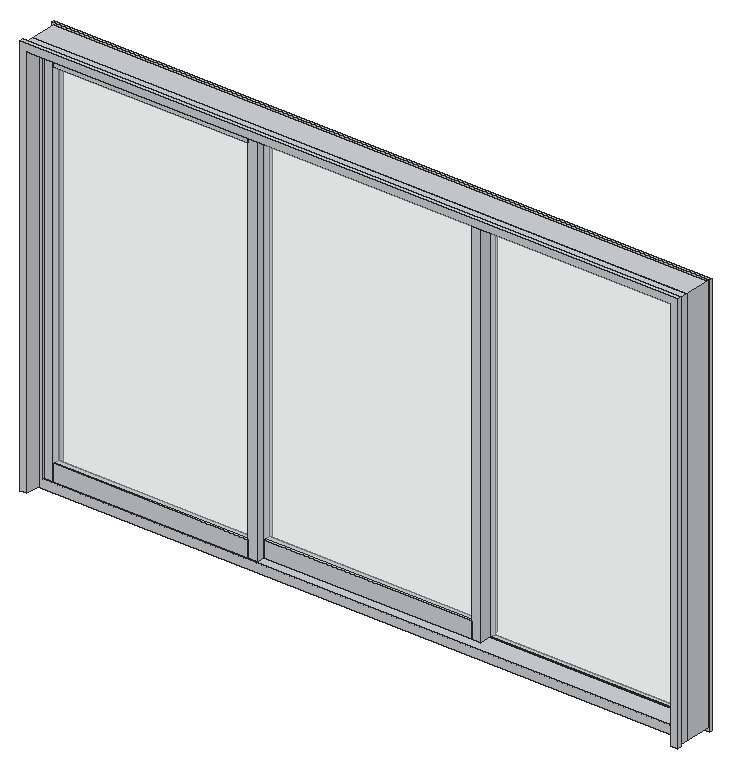
Revit family "APL Residential Thermal Heart Sliding Door SSF", category Doors, host Wall, Revit 2017 (continued)
Definition of nested family "APL Residential Thermal Heart Sliding Door SSF Horizontal Section"
  Definition of nested family "Jamb Multislider Stile"
    Lines and regions (mm)
      detail lines, in view "Ref. Level"
        curve 1: line (-41.439, 153.05, 0) -> (-39.899, 158.8, 0)
        curve 2: line (-40.29, 157.339, 0) -> (-40.29, 153.05, 0)
        curve 3: line (-39.45, 158.8, 0) -> (-39.45, 153.05, 0)
        curve 4: line (-38.61, 158.8, 0) -> (-38.61, 153.05, 0)
        curve 5: line (-37.69, 158.8, 0) -> (-37.69, 153.05, 0)
        curve 6: line (-36.85, 158.8, 0) -> (-36.85, 153.05, 0)
        curve 7: line (-36.01, 157.339, 0) -> (-36.01, 153.05, 0)
        curve 8: line (-36.402, 158.8, 0) -> (-34.861, 153.05, 0)
        curve 9: line (-41.6, 159.05, 0) -> (-34.7, 159.05, 0)
        curve 10: line (-34.7, 158.8, 0) -> (-41.6, 158.8, 0)
        curve 11: line (-41.6, 158.8, 0) -> (-41.6, 159.3, 0)
        curve 12: line (-41.6, 159.3, 0) -> (-34.7, 159.3, 0)
        curve 13: line (-34.7, 159.3, 0) -> (-34.7, 158.8, 0)
        curve 27: line (-41.439, 120.35, 0) -> (-39.899, 114.6, 0)
        curve 28: line (-40.29, 116.061, 0) -> (-40.29, 120.35, 0)
        curve 29: line (-39.45, 114.6, 0) -> (-39.45, 120.35, 0)
        curve 30: line (-38.61, 114.6, 0) -> (-38.61, 120.35, 0)
        curve 31: line (-37.69, 114.6, 0) -> (-37.69, 120.35, 0)
        curve 32: line (-36.85, 114.6, 0) -> (-36.85, 120.35, 0)
        curve 33: line (-36.01, 116.061, 0) -> (-36.01, 120.35, 0)
        curve 34: line (-36.402, 114.6, 0) -> (-34.861, 120.35, 0)
        curve 35: line (-41.6, 114.35, 0) -> (-34.7, 114.35, 0)
        curve 36: line (-34.7, 114.6, 0) -> (-41.6, 114.6, 0)
        curve 37: line (-41.6, 114.6, 0) -> (-41.6, 114.1, 0)
        curve 38: line (-41.6, 114.1, 0) -> (-34.7, 114.1, 0)
        curve 39: line (-34.7, 114.1, 0) -> (-34.7, 114.6, 0)
      detail lines, in view "Ref. Level", not visible
        curve 14: line (101.764, -41.439, 0) -> (107.514, -39.899, 0)
        curve 15: line (106.053, -40.29, 0) -> (101.764, -40.29, 0)
        curve 16: line (107.514, -39.45, 0) -> (101.764, -39.45, 0)
        curve 17: line (107.514, -38.61, 0) -> (101.764, -38.61, 0)
        curve 18: line (107.514, -37.69, 0) -> (101.764, -37.69, 0)
        curve 19: line (107.514, -36.85, 0) -> (101.764, -36.85, 0)
        curve 20: line (106.053, -36.01, 0) -> (101.764, -36.01, 0)
        curve 21: line (107.514, -36.401, 0) -> (101.764, -34.861, 0)
        curve 22: line (107.764, -41.6, 0) -> (107.764, -34.7, 0)
        curve 23: line (107.514, -34.7, 0) -> (107.514, -41.6, 0)
        curve 24: line (107.514, -41.6, 0) -> (108.014, -41.6, 0)
        curve 25: line (108.014, -41.6, 0) -> (108.014, -34.7, 0)
        curve 26: line (108.014, -34.7, 0) -> (107.514, -34.7, 0)
    Nested families
      nested 1: "65575_Threshold" at (-24, 0, 0) x (0, 1, 0) z (0, 0, 1), type "65575_Threshold", in view "Ref. Level"
      nested 2: "65520_Lock Stile" at (-32, 154.8, 0) x (-1, 0, 0) z (0, 0, 1), type "65520_Lock Stile", in view "Ref. Level"
      nested 3: "65410_Frame" at (-24, 0, 0) x (0, 1, 0) z (0, 0, 1), type "65410_Frame", in view "Ref. Level"
      nested 4: "65585_Infill" at (-43, 70.651, 0) x (0, 1, 0) z (0, 0, 1), type "65585_Infill", in view "Ref. Level"
    Definition of nested family "65575_Threshold"
      Reference planes
        plane 1 "Center (Front/Back)": y = 0
        plane 2: z = 0
        plane 3 "Center (Left/Right)": x = 0
      Lines and regions (mm)
        detail lines, in view "Ref. Level"
          curve 1: arc (0.123, 1.385, 0) -> (0.034, 1.312, 0) -> (0, 1.2, 0) r 0.2
          curve 2: arc (0, 0.2, 0) -> (0.059, 0.059, 0) -> (0.2, 0, 0) r 0.2
          curve 3: arc (1.987, -0.473, 0) -> (2.044, -0.588, 0) -> (2.019, -0.715, 0) r 0.2
          curve 4: arc (1.788, -1.112, 0) -> (1.916, -1.591, 0) -> (2.394, -1.463, 0) r 0.35
          curve 5: arc (2.779, -0.797, 0) -> (2.842, -0.484, 0) -> (2.701, -0.197, 0) r 0.497
          curve 6: arc (2.033, 0.47, 0) -> (1.979, 0.65, 0) -> (2.098, 0.796, 0) r 0.2
          curve 7: arc (41.094, 16.949, 0) -> (41.282, 16.93, 0) -> (41.37, 16.764, 0) r 0.2
          curve 8: arc (41.37, 12.481, 0) -> (41.586, 11.578, 0) -> (42.188, 10.869, 0) r 2
          curve 9: arc (42.188, 10.869, 0) -> (43.515, 8.691, 0) -> (42.924, 6.21, 0) r 3.35
          curve 10: arc (42.924, 6.21, 0) -> (43.038, 5.512, 0) -> (43.736, 5.625, 0) r 0.5
          curve 11: arc (43.736, 5.625, 0) -> (44.503, 8.847, 0) -> (42.779, 11.675, 0) r 4.35
          curve 12: arc (42.779, 11.675, 0) -> (42.478, 12.03, 0) -> (42.37, 12.481, 0) r 1
          curve 13: arc (42.37, 18.585, 0) -> (42.282, 18.751, 0) -> (42.094, 18.77, 0) r 0.2
          curve 14: line (0, 1.2, 0) -> (0, 0.2, 0)
          curve 15: line (0.2, 0, 0) -> (1.431, 0, 0)
          curve 16: line (1.573, -0.059, 0) -> (1.987, -0.473, 0)
          curve 17: line (2.019, -0.715, 0) -> (1.788, -1.112, 0)
          curve 18: line (2.394, -1.463, 0) -> (2.779, -0.797, 0)
          curve 19: line (2.701, -0.197, 0) -> (2.033, 0.47, 0)
          curve 20: line (2.098, 0.796, 0) -> (41.094, 16.949, 0)
          curve 21: line (41.37, 16.764, 0) -> (41.37, 12.481, 0)
          curve 22: line (42.37, 12.481, 0) -> (42.37, 18.585, 0)
          curve 23: line (42.094, 18.77, 0) -> (0.123, 1.385, 0)
      Text (mm)
        text "65575" at (6.848, 22.344, 0), in view "Ref. Level"
    Definition of nested family "65520_Lock Stile"
      Reference planes
        plane 1 "Center (Front/Back)": y = 0
        plane 2: z = 0
        plane 3 "Center (Left/Right)": x = 0
      Lines and regions (mm)
        model lines, in view "Ref. Level"
          curve 1: arc (64.617, -36.001, 0) -> (64.992, -35.626, 0) -> (64.617, -35.251, 0) r 0.375
          curve 2: arc (64.242, -32, 0) -> (64.184, -31.859, 0) -> (64.042, -31.8, 0) r 0.2
          curve 3: arc (62.612, -31.8, 0) -> (62.471, -31.859, 0) -> (62.412, -32, 0) r 0.2
          curve 4: arc (62.412, -32.6, 0) -> (62.471, -32.741, 0) -> (62.612, -32.8, 0) r 0.2
          curve 5: arc (62.962, -32.8, 0) -> (63.104, -32.859, 0) -> (63.162, -33, 0) r 0.2
          curve 6: arc (63.162, -33.6, 0) -> (63.104, -33.741, 0) -> (62.962, -33.8, 0) r 0.2
          curve 7: arc (62.612, -33.8, 0) -> (62.471, -33.859, 0) -> (62.412, -34, 0) r 0.2
          curve 8: arc (62.412, -34.301, 0) -> (62.266, -34.655, 0) -> (61.912, -34.801, 0) r 0.5
          curve 9: arc (60.912, -34.801, 0) -> (60.559, -34.655, 0) -> (60.412, -34.301, 0) r 0.5
          curve 10: arc (60.412, -34, 0) -> (60.354, -33.859, 0) -> (60.212, -33.8, 0) r 0.2
          curve 11: arc (59.862, -33.8, 0) -> (59.721, -33.741, 0) -> (59.662, -33.6, 0) r 0.2
          curve 12: arc (59.662, -33, 0) -> (59.721, -32.859, 0) -> (59.862, -32.8, 0) r 0.2
          curve 13: arc (60.212, -32.8, 0) -> (60.354, -32.741, 0) -> (60.412, -32.6, 0) r 0.2
          curve 14: arc (60.412, -32, 0) -> (60.354, -31.859, 0) -> (60.212, -31.8, 0) r 0.2
          curve 15: arc (57.112, -31.8, 0) -> (56.971, -31.859, 0) -> (56.912, -32, 0) r 0.2
          curve 16: arc (56.912, -32.6, 0) -> (56.971, -32.741, 0) -> (57.112, -32.8, 0) r 0.2
          curve 17: arc (57.862, -32.8, 0) -> (58.216, -32.946, 0) -> (58.362, -33.3, 0) r 0.5
          curve 18: arc (58.362, -33.701, 0) -> (58.216, -34.054, 0) -> (57.862, -34.201, 0) r 0.5
          curve 19: arc (45.74, -34.2, 0) -> (45.386, -34.054, 0) -> (45.24, -33.7, 0) r 0.5
          curve 20: arc (45.24, -31.883, 0) -> (45.041, -31.578, 0) -> (45.283, -31.305, 0) r 0.3
          curve 21: arc (45.283, -31.305, 0) -> (45.421, -31.239, 0) -> (45.508, -31.113, 0) r 0.3
          curve 22: arc (46.022, -29.703, 0) -> (45.978, -29.417, 0) -> (45.714, -29.301, 0) r 0.3
          curve 23: arc (43.348, -29.508, 0) -> (43.248, -29.535, 0) -> (43.162, -29.595, 0) r 0.3
          curve 24: arc (42.799, -29.959, 0) -> (42.747, -30.152, 0) -> (42.888, -30.293, 0) r 0.2
          curve 25: arc (43.056, -30.338, 0) -> (43.145, -30.39, 0) -> (43.197, -30.479, 0) r 0.2
          curve 26: arc (43.74, -32.7, 0) -> (43.547, -32.98, 0) -> (43.216, -32.9, 0) r 0.3
          curve 27: arc (43.216, -32.9, 0) -> (43.115, -32.826, 0) -> (42.993, -32.8, 0) r 0.3
          curve 28: arc (38.99, -32.994, 0) -> (38.818, -32.958, 0) -> (38.74, -32.8, 0) r 0.2
          curve 29: arc (38.74, -32.279, 0) -> (38.751, -32.198, 0) -> (38.784, -32.122, 0) r 0.3
          curve 30: arc (39.549, -30.869, 0) -> (39.719, -30.872, 0) -> (39.851, -30.766, 0) r 0.25
          curve 31: arc (39.903, -30.68, 0) -> (39.908, -30.428, 0) -> (39.69, -30.3, 0) r 0.25
          curve 32: arc (37.951, -30.3, 0) -> (37.706, -30.364, 0) -> (37.524, -30.539, 0) r 0.5
          curve 33: arc (36.913, -31.54, 0) -> (36.859, -31.666, 0) -> (36.84, -31.801, 0) r 0.5
          curve 34: arc (36.84, -33.597, 0) -> (36.695, -33.952, 0) -> (36.34, -34.099, 0) r 0.5
          curve 35: arc (8.6, -34.099, 0) -> (8.459, -34.04, 0) -> (8.4, -33.899, 0) r 0.2
          curve 36: arc (8.4, -32.953, 0) -> (8.382, -32.817, 0) -> (8.327, -32.69, 0) r 0.5
          curve 37: arc (7.716, -31.689, 0) -> (7.534, -31.514, 0) -> (7.289, -31.45, 0) r 0.5
          curve 38: arc (5.55, -31.45, 0) -> (5.332, -31.577, 0) -> (5.337, -31.83, 0) r 0.25
          curve 39: arc (5.389, -31.916, 0) -> (5.521, -32.022, 0) -> (5.691, -32.019, 0) r 0.25
          curve 40: arc (6.456, -33.272, 0) -> (6.489, -33.348, 0) -> (6.5, -33.429, 0) r 0.3
          curve 41: arc (6.5, -33.95, 0) -> (6.422, -34.108, 0) -> (6.25, -34.144, 0) r 0.2
          curve 42: arc (2.247, -33.95, 0) -> (2.125, -33.976, 0) -> (2.024, -34.05, 0) r 0.3
          curve 43: arc (2.024, -34.05, 0) -> (1.693, -34.13, 0) -> (1.5, -33.85, 0) r 0.3
          curve 44: arc (2.043, -31.629, 0) -> (2.095, -31.54, 0) -> (2.184, -31.488, 0) r 0.2
          curve 45: arc (2.352, -31.443, 0) -> (2.493, -31.302, 0) -> (2.441, -31.109, 0) r 0.2
          curve 46: arc (2.078, -30.745, 0) -> (1.992, -30.685, 0) -> (1.892, -30.658, 0) r 0.3
          curve 47: arc (-0.474, -30.451, 0) -> (-0.738, -30.567, 0) -> (-0.782, -30.853, 0) r 0.3
          curve 48: arc (-0.268, -32.263, 0) -> (-0.181, -32.389, 0) -> (-0.043, -32.455, 0) r 0.3
          curve 49: arc (-0.043, -32.455, 0) -> (0.199, -32.728, 0) -> (0, -33.033, 0) r 0.3
          curve 50: arc (-3.076, -33.033, 0) -> (-3.524, -33.31, 0) -> (-3.475, -33.834, 0) r 0.5
          curve 51: arc (-3.475, -33.834, 0) -> (-2.783, -34.469, 0) -> (-1.91, -34.817, 0) r 2.6
          curve 52: line (4.258, -36.001, 0) -> (64.617, -36.001, 0)
          curve 53: line (64.617, -35.251, 0) -> (64.242, -35.251, 0)
          curve 54: line (64.242, -35.251, 0) -> (64.242, -32, 0)
          curve 55: line (64.042, -31.8, 0) -> (62.612, -31.8, 0)
          curve 56: line (62.412, -32, 0) -> (62.412, -32.6, 0)
          curve 57: line (62.612, -32.8, 0) -> (62.962, -32.8, 0)
          curve 58: line (63.162, -33, 0) -> (63.162, -33.6, 0)
          curve 59: line (62.962, -33.8, 0) -> (62.612, -33.8, 0)
          curve 60: line (62.412, -34, 0) -> (62.412, -34.301, 0)
          curve 61: line (61.912, -34.801, 0) -> (60.912, -34.801, 0)
          curve 62: line (60.412, -34.301, 0) -> (60.412, -34, 0)
          curve 63: line (60.212, -33.8, 0) -> (59.862, -33.8, 0)
          curve 64: line (59.662, -33.6, 0) -> (59.662, -33, 0)
          curve 65: line (59.862, -32.8, 0) -> (60.212, -32.8, 0)
          curve 66: line (60.412, -32.6, 0) -> (60.412, -32, 0)
          curve 67: line (60.212, -31.8, 0) -> (57.112, -31.8, 0)
          curve 68: line (56.912, -32, 0) -> (56.912, -32.6, 0)
          curve 69: line (57.112, -32.8, 0) -> (57.862, -32.8, 0)
          curve 70: line (58.362, -33.3, 0) -> (58.362, -33.701, 0)
          curve 71: line (57.862, -34.201, 0) -> (45.74, -34.201, 0)
          curve 72: line (45.24, -33.7, 0) -> (45.24, -31.883, 0)
          curve 73: line (45.508, -31.113, 0) -> (46.022, -29.703, 0)
          curve 74: line (45.714, -29.301, 0) -> (43.348, -29.508, 0)
          curve 75: line (43.162, -29.595, 0) -> (42.799, -29.959, 0)
          curve 76: line (42.888, -30.293, 0) -> (43.056, -30.338, 0)
          curve 77: line (43.056, -30.338, 0) -> (43.73, -32.468, 0)
          curve 78: line (43.73, -32.468, 0) -> (43.74, -32.7, 0)
          curve 79: line (42.993, -32.8, 0) -> (39.765, -32.8, 0)
          curve 80: line (39.765, -32.8, 0) -> (38.99, -32.994, 0)
          curve 81: line (38.74, -32.8, 0) -> (38.74, -32.279, 0)
          curve 82: line (38.74, -32.279, 0) -> (39.549, -30.869, 0)
          curve 83: line (39.69, -30.3, 0) -> (37.951, -30.3, 0)
          curve 84: line (37.524, -30.539, 0) -> (36.913, -31.54, 0)
          curve 85: line (36.84, -31.801, 0) -> (36.84, -33.597, 0)
          curve 86: line (36.34, -34.099, 0) -> (8.6, -34.099, 0)
          curve 87: line (8.4, -33.899, 0) -> (8.4, -32.953, 0)
          curve 88: line (8.327, -32.69, 0) -> (7.716, -31.689, 0)
          curve 89: line (7.289, -31.45, 0) -> (5.55, -31.45, 0)
          curve 90: line (5.691, -32.019, 0) -> (6.456, -33.272, 0)
          curve 91: line (6.456, -33.272, 0) -> (6.5, -33.95, 0)
          curve 92: line (6.25, -34.144, 0) -> (5.5, -33.95, 0)
          curve 93: line (5.525, -33.956, 0) -> (2.247, -33.95, 0)
          curve 94: line (1.5, -33.696, 0) -> (2.043, -31.629, 0)
          curve 95: line (2.043, -31.629, 0) -> (2.352, -31.443, 0)
          curve 96: line (2.441, -31.109, 0) -> (2.078, -30.745, 0)
          curve 97: line (1.892, -30.658, 0) -> (-0.474, -30.451, 0)
          curve 98: line (-0.782, -30.853, 0) -> (-0.268, -32.263, 0)
          curve 99: line (0, -33.033, 0) -> (-3.076, -33.033, 0)
          curve 100: line (-1.91, -34.817, 0) -> (3.748, -35.948, 0)
          curve 101: arc (3.748, -35.948, 0) -> (4.002, -35.986, 0) -> (4.258, -36.001, 0) r 2.937
          curve 102: arc (61.061, -2.052, 0) -> (61.027, -1.878, 0) -> (60.868, -1.8, 0) r 0.2
          curve 103: arc (39.24, -1.8, 0) -> (38.887, -1.946, 0) -> (38.74, -2.3, 0) r 0.5
          curve 104: arc (38.74, -15.6, 0) -> (38.884, -15.956, 0) -> (39.24, -16.1, 0) r 0.491
          curve 105: arc (44.74, -16.1, 0) -> (45.093, -16.247, 0) -> (45.24, -16.6, 0) r 0.502
          curve 106: arc (45.24, -18.917, 0) -> (45.041, -19.222, 0) -> (45.283, -19.495, 0) r 0.3
          curve 107: arc (45.283, -19.495, 0) -> (45.421, -19.561, 0) -> (45.508, -19.687, 0) r 0.3
          curve 108: arc (46.022, -21.097, 0) -> (45.978, -21.383, 0) -> (45.714, -21.499, 0) r 0.3
          curve 109: arc (43.348, -21.292, 0) -> (43.248, -21.265, 0) -> (43.162, -21.205, 0) r 0.3
          curve 110: arc (42.799, -20.841, 0) -> (42.747, -20.648, 0) -> (42.888, -20.507, 0) r 0.2
          curve 111: arc (43.056, -20.462, 0) -> (43.145, -20.41, 0) -> (43.197, -20.321, 0) r 0.2
          curve 112: arc (43.74, -18.1, 0) -> (43.547, -17.82, 0) -> (43.216, -17.9, 0) r 0.3
          curve 113: arc (43.216, -17.9, 0) -> (43.115, -17.974, 0) -> (42.993, -18, 0) r 0.3
          curve 114: arc (38.99, -17.806, 0) -> (38.818, -17.842, 0) -> (38.74, -18, 0) r 0.2
          curve 115: arc (38.74, -18.521, 0) -> (38.751, -18.602, 0) -> (38.784, -18.677, 0) r 0.3
          curve 116: arc (39.549, -19.931, 0) -> (39.719, -19.928, 0) -> (39.851, -20.034, 0) r 0.25
          curve 117: arc (39.903, -20.12, 0) -> (39.908, -20.372, 0) -> (39.69, -20.5, 0) r 0.25
          curve 118: arc (37.951, -20.5, 0) -> (37.706, -20.436, 0) -> (37.524, -20.26, 0) r 0.5
          curve 119: arc (36.993, -19.389, 0) -> (36.81, -19.214, 0) -> (36.566, -19.15, 0) r 0.5
          curve 120: arc (8.901, -19.15, 0) -> (8.547, -19.296, 0) -> (8.4, -19.65, 0) r 0.5
          curve 121: arc (8.4, -20.148, 0) -> (8.382, -20.284, 0) -> (8.327, -20.41, 0) r 0.5
          curve 122: arc (7.716, -21.41, 0) -> (7.534, -21.586, 0) -> (7.289, -21.65, 0) r 0.5
          curve 123: arc (5.55, -21.65, 0) -> (5.332, -21.523, 0) -> (5.337, -21.27, 0) r 0.25
          curve 124: arc (5.389, -21.184, 0) -> (5.521, -21.078, 0) -> (5.691, -21.081, 0) r 0.25
          curve 125: arc (6.456, -19.827, 0) -> (6.489, -19.752, 0) -> (6.5, -19.671, 0) r 0.3
          curve 126: arc (6.5, -19.15, 0) -> (6.422, -18.992, 0) -> (6.25, -18.956, 0) r 0.2
          curve 127: arc (2.247, -19.15, 0) -> (2.125, -19.124, 0) -> (2.024, -19.05, 0) r 0.3
          curve 128: arc (2.024, -19.05, 0) -> (1.693, -18.97, 0) -> (1.5, -19.25, 0) r 0.3
          curve 129: arc (2.043, -21.471, 0) -> (2.095, -21.56, 0) -> (2.184, -21.612, 0) r 0.2
          curve 130: arc (2.352, -21.657, 0) -> (2.493, -21.798, 0) -> (2.441, -21.991, 0) r 0.2
          curve 131: arc (2.078, -22.355, 0) -> (1.992, -22.415, 0) -> (1.892, -22.442, 0) r 0.3
          curve 132: arc (-0.474, -22.649, 0) -> (-0.738, -22.533, 0) -> (-0.782, -22.247, 0) r 0.3
          curve 133: arc (-0.268, -20.837, 0) -> (-0.181, -20.711, 0) -> (-0.043, -20.645, 0) r 0.3
          curve 134: arc (-0.043, -20.645, 0) -> (0.199, -20.372, 0) -> (0, -20.067, 0) r 0.3
          curve 135: arc (0, -3.465, 0) -> (-0.147, -3.113, 0) -> (-0.5, -2.965, 0) r 0.503
          curve 136: arc (-3.076, -2.965, 0) -> (-3.524, -2.688, 0) -> (-3.475, -2.164, 0) r 0.5
          curve 137: arc (-3.475, -2.164, 0) -> (-2.783, -1.529, 0) -> (-1.91, -1.181, 0) r 2.6
          curve 138: arc (3.754, -0.049, 0) -> (3.998, -0.012, 0) -> (4.244, 0, 0) r 2.5
          curve 139: arc (64.615, 0, 0) -> (64.99, -0.375, 0) -> (64.615, -0.75, 0) r 0.375
          curve 140: arc (64.245, -1.9, 0) -> (64.186, -2.041, 0) -> (64.045, -2.1, 0) r 0.201
          curve 141: arc (63.202, -3.365, 0) -> (63.156, -3.493, 0) -> (63.037, -3.562, 0) r 0.2
          curve 142: arc (60.853, -3.8, 0) -> (60.694, -3.722, 0) -> (60.66, -3.548, 0) r 0.2
          curve 143: arc (2.401, -17.25, 0) -> (2.047, -17.104, 0) -> (1.9, -16.75, 0) r 0.501
          curve 144: arc (1.9, -2.767, 0) -> (2.013, -2.45, 0) -> (2.302, -2.276, 0) r 0.5
          curve 145: arc (36.438, -1.91, 0) -> (36.727, -2.083, 0) -> (36.84, -2.4, 0) r 0.5
          curve 146: line (60.66, -3.548, 0) -> (61.061, -2.052, 0)
          curve 147: line (60.868, -1.8, 0) -> (39.24, -1.8, 0)
          curve 148: line (38.74, -2.3, 0) -> (38.74, -15.6, 0)
          curve 149: line (39.24, -16.1, 0) -> (44.74, -16.1, 0)
          curve 150: line (45.24, -16.6, 0) -> (45.24, -18.917, 0)
          curve 151: line (45.508, -19.687, 0) -> (46.022, -21.097, 0)
          curve 152: line (45.714, -21.499, 0) -> (43.348, -21.292, 0)
          curve 153: line (43.162, -21.205, 0) -> (42.799, -20.841, 0)
          curve 154: line (42.888, -20.507, 0) -> (43.056, -20.462, 0)
          curve 155: line (43.056, -20.462, 0) -> (43.73, -18.332, 0)
          curve 156: line (43.73, -18.332, 0) -> (43.74, -18.1, 0)
          curve 157: line (42.993, -18, 0) -> (39.765, -18, 0)
          curve 158: line (39.765, -18, 0) -> (38.99, -17.806, 0)
          curve 159: line (38.74, -18, 0) -> (38.74, -18.521, 0)
          curve 160: line (38.74, -18.521, 0) -> (39.549, -19.931, 0)
          curve 161: line (39.69, -20.5, 0) -> (37.951, -20.5, 0)
          curve 162: line (37.524, -20.26, 0) -> (36.993, -19.389, 0)
          curve 163: line (36.566, -19.15, 0) -> (8.901, -19.15, 0)
          curve 164: line (8.4, -19.65, 0) -> (8.4, -20.148, 0)
          curve 165: line (8.327, -20.41, 0) -> (7.716, -21.41, 0)
          curve 166: line (7.289, -21.65, 0) -> (5.55, -21.65, 0)
          curve 167: line (5.691, -21.081, 0) -> (6.456, -19.827, 0)
          curve 168: line (6.456, -19.827, 0) -> (6.5, -19.15, 0)
          curve 169: line (6.25, -18.956, 0) -> (5.5, -19.15, 0)
          curve 170: line (5.525, -19.144, 0) -> (2.247, -19.15, 0)
          curve 171: line (1.5, -19.404, 0) -> (2.043, -21.471, 0)
          curve 172: line (2.043, -21.471, 0) -> (2.352, -21.657, 0)
          curve 173: line (2.441, -21.991, 0) -> (2.078, -22.355, 0)
          curve 174: line (1.892, -22.442, 0) -> (-0.474, -22.649, 0)
          curve 175: line (-0.782, -22.247, 0) -> (-0.268, -20.837, 0)
          curve 176: line (0, -20.067, 0) -> (0, -12.5, 0)
          curve 177: line (0, -12.5, 0) -> (0.4, -12.1, 0)
          curve 178: line (0.4, -12.1, 0) -> (0, -11.7, 0)
          curve 179: line (0, -11.7, 0) -> (0, -3.465, 0)
          curve 180: line (-0.5, -2.965, 0) -> (-3.076, -2.965, 0)
          curve 181: line (-1.91, -1.181, 0) -> (3.754, -0.049, 0)
          curve 182: line (4.244, 0, 0) -> (64.615, 0, 0)
          curve 183: line (64.615, -0.75, 0) -> (64.245, -0.75, 0)
          curve 184: line (64.245, -0.75, 0) -> (64.245, -1.9, 0)
          curve 185: line (64.045, -2.1, 0) -> (63.202, -2.1, 0)
          curve 186: line (63.202, -2.1, 0) -> (63.202, -3.365, 0)
          curve 187: line (63.037, -3.562, 0) -> (61.684, -3.8, 0)
          curve 188: line (61.684, -3.8, 0) -> (60.853, -3.8, 0)
          curve 189: line (36.34, -17.25, 0) -> (2.401, -17.25, 0)
          curve 190: line (1.9, -16.75, 0) -> (1.9, -2.767, 0)
          curve 191: line (2.302, -2.276, 0) -> (4.137, -1.91, 0)
          curve 192: line (4.137, -1.91, 0) -> (36.438, -1.91, 0)
          curve 193: line (36.84, -2.4, 0) -> (36.84, -16.75, 0)
          curve 194: arc (36.84, -16.75, 0) -> (36.695, -17.105, 0) -> (36.34, -17.25, 0) r 0.496
          curve 195: arc (5.6, -33.95, 0) -> (5.883, -33.833, 0) -> (6, -33.55, 0) r 0.4
          curve 196: arc (6, -33.257, 0) -> (5.986, -33.154, 0) -> (5.946, -33.057, 0) r 0.4
          curve 197: arc (5.061, -31.529, 0) -> (4.941, -31.239, 0) -> (4.9, -30.928, 0) r 1.2
          curve 198: arc (4.9, -30.005, 0) -> (4.719, -29.432, 0) -> (4.242, -29.066, 0) r 1
          curve 199: arc (2.063, -28.273, 0) -> (1.872, -28.126, 0) -> (1.8, -27.897, 0) r 0.4
          curve 200: arc (1.8, -25.203, 0) -> (1.872, -24.974, 0) -> (2.063, -24.827, 0) r 0.4
          curve 201: arc (4.242, -24.034, 0) -> (4.719, -23.668, 0) -> (4.9, -23.095, 0) r 1
          curve 202: arc (4.9, -22.172, 0) -> (4.941, -21.861, 0) -> (5.061, -21.571, 0) r 1.2
          curve 203: arc (5.946, -20.043, 0) -> (5.986, -19.946, 0) -> (6, -19.843, 0) r 0.4
          curve 204: arc (6, -19.55, 0) -> (5.883, -19.267, 0) -> (5.6, -19.15, 0) r 0.4
          curve 205: arc (2.2, -19.15, 0) -> (1.917, -19.267, 0) -> (1.8, -19.55, 0) r 0.4
          curve 206: arc (1.8, -19.843, 0) -> (1.814, -19.946, 0) -> (1.854, -20.043, 0) r 0.4
          curve 207: arc (2.739, -21.571, 0) -> (2.86, -21.865, 0) -> (2.9, -22.18, 0) r 1.2
          curve 208: arc (2.9, -22.18, 0) -> (2.847, -22.355, 0) -> (2.703, -22.466, 0) r 0.3
          curve 209: arc (0.263, -23.354, 0) -> (0.072, -23.501, 0) -> (0, -23.73, 0) r 0.4
          curve 210: arc (0, -29.37, 0) -> (0.072, -29.599, 0) -> (0.263, -29.746, 0) r 0.4
          curve 211: arc (2.703, -30.634, 0) -> (2.847, -30.745, 0) -> (2.9, -30.92, 0) r 0.3
          curve 212: arc (2.9, -30.92, 0) -> (2.86, -31.235, 0) -> (2.739, -31.529, 0) r 1.2
          curve 213: arc (1.854, -33.057, 0) -> (1.814, -33.154, 0) -> (1.8, -33.257, 0) r 0.4
          curve 214: arc (1.8, -33.55, 0) -> (1.917, -33.833, 0) -> (2.2, -33.95, 0) r 0.4
          curve 215: line (6, -33.55, 0) -> (6, -33.257, 0)
          curve 216: line (5.946, -33.057, 0) -> (5.061, -31.529, 0)
          curve 217: line (4.9, -30.928, 0) -> (4.9, -30.005, 0)
          curve 218: line (4.242, -29.066, 0) -> (2.063, -28.273, 0)
          curve 219: line (1.8, -27.897, 0) -> (1.8, -25.203, 0)
          curve 220: line (2.063, -24.827, 0) -> (4.242, -24.034, 0)
          curve 221: line (4.9, -23.095, 0) -> (4.9, -22.172, 0)
          curve 222: line (5.061, -21.571, 0) -> (5.946, -20.043, 0)
          curve 223: line (6, -19.843, 0) -> (6, -19.55, 0)
          curve 224: line (5.6, -19.15, 0) -> (2.2, -19.15, 0)
          curve 225: line (1.8, -19.55, 0) -> (1.8, -19.843, 0)
          curve 226: line (1.854, -20.043, 0) -> (2.739, -21.571, 0)
          curve 227: line (2.703, -22.466, 0) -> (0.263, -23.354, 0)
          curve 228: line (0, -23.73, 0) -> (0, -29.37, 0)
          curve 229: line (0.263, -29.746, 0) -> (2.703, -30.634, 0)
          curve 230: line (2.739, -31.529, 0) -> (1.854, -33.057, 0)
          curve 231: line (1.8, -33.257, 0) -> (1.8, -33.55, 0)
          curve 232: line (2.2, -33.95, 0) -> (5.6, -33.95, 0)
          curve 233: arc (39.64, -32.8, 0) -> (39.357, -32.683, 0) -> (39.24, -32.4, 0) r 0.4
          curve 234: arc (39.24, -32.107, 0) -> (39.254, -32.004, 0) -> (39.294, -31.907, 0) r 0.4
          curve 235: arc (40.179, -30.379, 0) -> (40.299, -30.089, 0) -> (40.34, -29.778, 0) r 1.2
          curve 236: arc (40.34, -28.855, 0) -> (40.521, -28.282, 0) -> (40.998, -27.916, 0) r 1
          curve 237: arc (43.177, -27.123, 0) -> (43.368, -26.976, 0) -> (43.44, -26.747, 0) r 0.4
          curve 238: arc (43.44, -24.053, 0) -> (43.368, -23.824, 0) -> (43.177, -23.677, 0) r 0.4
          curve 239: arc (40.998, -22.884, 0) -> (40.521, -22.518, 0) -> (40.34, -21.945, 0) r 1
          curve 240: arc (40.34, -21.022, 0) -> (40.299, -20.711, 0) -> (40.179, -20.421, 0) r 1.2
          curve 241: arc (39.294, -18.893, 0) -> (39.254, -18.796, 0) -> (39.24, -18.693, 0) r 0.4
          curve 242: arc (39.24, -18.4, 0) -> (39.357, -18.117, 0) -> (39.64, -18, 0) r 0.4
          curve 243: arc (43.04, -18, 0) -> (43.323, -18.117, 0) -> (43.44, -18.4, 0) r 0.4
          curve 244: arc (43.44, -18.693, 0) -> (43.426, -18.796, 0) -> (43.386, -18.893, 0) r 0.4
          curve 245: arc (42.501, -20.421, 0) -> (42.38, -20.715, 0) -> (42.34, -21.03, 0) r 1.2
          curve 246: arc (42.34, -21.03, 0) -> (42.393, -21.205, 0) -> (42.537, -21.316, 0) r 0.3
          curve 247: arc (44.977, -22.204, 0) -> (45.168, -22.351, 0) -> (45.24, -22.58, 0) r 0.4
          curve 248: arc (45.24, -28.22, 0) -> (45.168, -28.449, 0) -> (44.977, -28.596, 0) r 0.4
          curve 249: arc (42.537, -29.484, 0) -> (42.393, -29.595, 0) -> (42.34, -29.77, 0) r 0.3
          curve 250: arc (42.34, -29.77, 0) -> (42.38, -30.085, 0) -> (42.501, -30.379, 0) r 1.2
          curve 251: arc (43.386, -31.907, 0) -> (43.426, -32.004, 0) -> (43.44, -32.107, 0) r 0.4
          curve 252: arc (43.44, -32.4, 0) -> (43.323, -32.683, 0) -> (43.04, -32.8, 0) r 0.4
          curve 253: line (39.24, -32.4, 0) -> (39.24, -32.107, 0)
          curve 254: line (39.294, -31.907, 0) -> (40.179, -30.379, 0)
          curve 255: line (40.34, -29.778, 0) -> (40.34, -28.855, 0)
          curve 256: line (40.998, -27.916, 0) -> (43.177, -27.123, 0)
          curve 257: line (43.44, -26.747, 0) -> (43.44, -24.053, 0)
          curve 258: line (43.177, -23.677, 0) -> (40.998, -22.884, 0)
          curve 259: line (40.34, -21.945, 0) -> (40.34, -21.022, 0)
          curve 260: line (40.179, -20.421, 0) -> (39.294, -18.893, 0)
          curve 261: line (39.24, -18.693, 0) -> (39.24, -18.4, 0)
          curve 262: line (39.64, -18, 0) -> (43.04, -18, 0)
          curve 263: line (43.44, -18.4, 0) -> (43.44, -18.693, 0)
          curve 264: line (43.386, -18.893, 0) -> (42.501, -20.421, 0)
          curve 265: line (42.537, -21.316, 0) -> (44.977, -22.204, 0)
          curve 266: line (45.24, -22.58, 0) -> (45.24, -28.22, 0)
          curve 267: line (44.977, -28.596, 0) -> (42.537, -29.484, 0)
          curve 268: line (42.501, -30.379, 0) -> (43.386, -31.907, 0)
          curve 269: line (43.44, -32.107, 0) -> (43.44, -32.4, 0)
          curve 270: line (43.04, -32.8, 0) -> (39.64, -32.8, 0)
      Text (mm)
        text "65520" at (24.172, 14.221, 0), in view "Ref. Level"
    Definition of nested family "65410_Frame"
      Reference planes
        plane 1 "Center (Front/Back)": y = 0
        plane 2: z = 0
        plane 3 "Center (Left/Right)": x = 0
      Lines and regions (mm)
        model lines, in view "Ref. Level"
          curve 1: arc (10.8, -17.502, 0) -> (11.356, -16.157, 0) -> (12.7, -15.6, 0) r 1.9
          curve 2: arc (13.1, -15.6, 0) -> (13.241, -15.541, 0) -> (13.3, -15.4, 0) r 0.2
          curve 3: arc (13.3, -8.6, 0) -> (13.241, -8.459, 0) -> (13.1, -8.4, 0) r 0.2
          curve 4: arc (11, -8.4, 0) -> (10.859, -8.341, 0) -> (10.8, -8.2, 0) r 0.2
          curve 5: arc (10.8, -7.717, 0) -> (10.741, -7.575, 0) -> (10.6, -7.517, 0) r 0.2
          curve 6: arc (1.9, -7.517, 0) -> (1.546, -7.663, 0) -> (1.4, -8.017, 0) r 0.5
          curve 7: arc (1.4, -21.755, 0) -> (1.521, -22.369, 0) -> (1.869, -22.889, 0) r 1.6
          curve 8: arc (6.387, -27.407, 0) -> (6.711, -27.624, 0) -> (7.094, -27.7, 0) r 1
          curve 9: arc (9.8, -27.7, 0) -> (10.507, -27.407, 0) -> (10.8, -26.7, 0) r 1
          curve 10: arc (1.665, -0.379, 0) -> (1.729, -0.478, 0) -> (1.725, -0.597, 0) r 0.2
          curve 11: arc (1.725, -0.597, 0) -> (1.621, -0.766, 0) -> (1.453, -0.873, 0) r 0.45
          curve 12: arc (1.453, -0.873, 0) -> (1.357, -0.948, 0) -> (1.322, -1.064, 0) r 0.2
          curve 13: arc (1.379, -5.919, 0) -> (1.438, -6.059, 0) -> (1.579, -6.117, 0) r 0.2
          curve 14: arc (10.6, -6.117, 0) -> (10.741, -6.058, 0) -> (10.8, -5.917, 0) r 0.2
          curve 15: arc (10.8, -1.828, 0) -> (10.773, -1.728, 0) -> (10.7, -1.655, 0) r 0.2
          curve 16: arc (9.6, -1.02, 0) -> (9.38, -0.8, 0) -> (9.3, -0.5, 0) r 0.6
          curve 17: arc (9.3, -0.2, 0) -> (9.359, -0.059, 0) -> (9.5, 0, 0) r 0.2
          curve 18: arc (13.617, 0, 0) -> (13.922, -0.199, 0) -> (14.195, 0.043, 0) r 0.3
          curve 19: arc (14.195, 0.043, 0) -> (14.261, 0.181, 0) -> (14.387, 0.268, 0) r 0.3
          curve 20: arc (15.797, 0.782, 0) -> (16.083, 0.738, 0) -> (16.199, 0.474, 0) r 0.3
          curve 21: arc (15.992, -1.892, 0) -> (15.965, -1.992, 0) -> (15.905, -2.078, 0) r 0.3
          curve 22: arc (15.541, -2.441, 0) -> (15.348, -2.493, 0) -> (15.207, -2.352, 0) r 0.2
          curve 23: arc (15.162, -2.184, 0) -> (15.11, -2.095, 0) -> (15.021, -2.043, 0) r 0.2
          curve 24: arc (12.8, -1.5, 0) -> (12.52, -1.693, 0) -> (12.6, -2.024, 0) r 0.3
          curve 25: arc (12.6, -2.024, 0) -> (12.674, -2.125, 0) -> (12.7, -2.247, 0) r 0.3
          curve 26: arc (12.506, -6.25, 0) -> (12.542, -6.422, 0) -> (12.7, -6.5, 0) r 0.2
          curve 27: arc (13.221, -6.5, 0) -> (13.302, -6.489, 0) -> (13.377, -6.456, 0) r 0.3
          curve 28: arc (14.631, -5.691, 0) -> (14.628, -5.521, 0) -> (14.734, -5.389, 0) r 0.25
          curve 29: arc (14.82, -5.337, 0) -> (15.072, -5.332, 0) -> (15.2, -5.55, 0) r 0.25
          curve 30: arc (15.2, -15.401, 0) -> (15.259, -15.542, 0) -> (15.4, -15.6, 0) r 0.2
          curve 31: arc (16.479, -15.6, 0) -> (16.643, -15.685, 0) -> (16.667, -15.868, 0) r 0.2
          curve 32: arc (15.775, -18.318, 0) -> (15.702, -18.414, 0) -> (15.587, -18.45, 0) r 0.2
          curve 33: arc (15.353, -18.45, 0) -> (15.248, -18.48, 0) -> (15.174, -18.561, 0) r 0.2
          curve 34: arc (15.174, -18.561, 0) -> (15.019, -18.69, 0) -> (14.82, -18.663, 0) r 0.25
          curve 35: arc (14.734, -18.611, 0) -> (14.628, -18.479, 0) -> (14.631, -18.309, 0) r 0.25
          curve 36: arc (13.377, -17.544, 0) -> (13.302, -17.511, 0) -> (13.221, -17.5, 0) r 0.3
          curve 37: arc (12.7, -17.5, 0) -> (12.542, -17.578, 0) -> (12.506, -17.75, 0) r 0.2
          curve 38: arc (12.7, -21.753, 0) -> (12.674, -21.875, 0) -> (12.6, -21.976, 0) r 0.3
          curve 39: arc (12.6, -21.976, 0) -> (12.52, -22.307, 0) -> (12.8, -22.5, 0) r 0.3
          curve 40: arc (15.021, -21.957, 0) -> (15.11, -21.905, 0) -> (15.162, -21.816, 0) r 0.2
          curve 41: arc (15.207, -21.648, 0) -> (15.348, -21.507, 0) -> (15.541, -21.559, 0) r 0.2
          curve 42: arc (15.905, -21.922, 0) -> (15.965, -22.008, 0) -> (15.992, -22.108, 0) r 0.3
          curve 43: arc (16.199, -24.474, 0) -> (16.083, -24.738, 0) -> (15.797, -24.782, 0) r 0.3
          curve 44: arc (14.387, -24.268, 0) -> (14.261, -24.181, 0) -> (14.195, -24.043, 0) r 0.3
          curve 45: arc (14.195, -24.043, 0) -> (13.922, -23.801, 0) -> (13.617, -24, 0) r 0.3
          curve 46: arc (12.6, -24, 0) -> (12.459, -24.059, 0) -> (12.4, -24.2, 0) r 0.2
          curve 47: arc (12.4, -26.696, 0) -> (11.64, -28.537, 0) -> (9.8, -29.3, 0) r 2.6
          curve 48: arc (7.9, -29.3, 0) -> (7.547, -29.446, 0) -> (7.4, -29.8, 0) r 0.5
          curve 49: arc (7.4, -37.402, 0) -> (7.508, -37.581, 0) -> (7.716, -37.566, 0) r 0.2
          curve 50: arc (7.716, -37.566, 0) -> (8.721, -37.692, 0) -> (8.684, -38.705, 0) r 0.75
          curve 51: arc (8.684, -38.705, 0) -> (8.15, -40.005, 0) -> (8.684, -41.305, 0) r 1.85
          curve 52: arc (8.684, -41.305, 0) -> (8.794, -41.447, 0) -> (8.867, -41.612, 0) r 0.75
          curve 53: arc (8.867, -41.612, 0) -> (8.97, -41.796, 0) -> (9.14, -41.921, 0) r 0.5
          curve 54: arc (9.14, -41.921, 0) -> (10, -42.105, 0) -> (10.86, -41.921, 0) r 2.1
          curve 55: arc (10.86, -41.921, 0) -> (11.03, -41.796, 0) -> (11.133, -41.612, 0) r 0.5
          curve 56: arc (11.133, -41.612, 0) -> (11.206, -41.447, 0) -> (11.316, -41.305, 0) r 0.75
          curve 57: arc (11.316, -41.305, 0) -> (11.85, -40.005, 0) -> (11.316, -38.705, 0) r 1.85
          curve 58: arc (11.316, -38.705, 0) -> (11.323, -37.644, 0) -> (12.384, -37.651, 0) r 0.75
          curve 59: arc (12.384, -37.651, 0) -> (13.348, -39.881, 0) -> (12.551, -42.176, 0) r 3.35
          curve 60: arc (12.551, -42.176, 0) -> (12.478, -42.71, 0) -> (12.932, -43, 0) r 0.5
          curve 61: arc (13.15, -43, 0) -> (13.291, -43.059, 0) -> (13.35, -43.2, 0) r 0.2
          curve 62: arc (13.35, -43.5, 0) -> (13.204, -43.854, 0) -> (12.85, -44, 0) r 0.5
          curve 63: arc (7, -44, 0) -> (6.293, -43.707, 0) -> (6, -43, 0) r 1
          curve 64: arc (6, -30.243, 0) -> (5.772, -29.095, 0) -> (5.121, -28.121, 0) r 3
          curve 65: arc (0.879, -23.879, 0) -> (0.228, -22.905, 0) -> (0, -21.757, 0) r 3
          curve 66: arc (0, -0.2, 0) -> (0.059, -0.059, 0) -> (0.2, 0, 0) r 0.2
          curve 67: line (10.8, -26.7, 0) -> (10.8, -17.502, 0)
          curve 68: line (12.7, -15.6, 0) -> (13.1, -15.6, 0)
          curve 69: line (13.3, -15.4, 0) -> (13.3, -8.6, 0)
          curve 70: line (13.1, -8.4, 0) -> (11, -8.4, 0)
          curve 71: line (10.8, -8.2, 0) -> (10.8, -7.717, 0)
          curve 72: line (10.6, -7.517, 0) -> (1.9, -7.517, 0)
          curve 73: line (1.4, -8.017, 0) -> (1.4, -21.755, 0)
          curve 74: line (1.869, -22.889, 0) -> (6.387, -27.407, 0)
          curve 75: line (7.094, -27.7, 0) -> (9.8, -27.7, 0)
          curve 76: line (1.322, -1.064, 0) -> (1.379, -5.919, 0)
          curve 77: line (1.579, -6.117, 0) -> (10.6, -6.117, 0)
          curve 78: line (10.8, -5.917, 0) -> (10.8, -1.828, 0)
          curve 79: line (10.7, -1.655, 0) -> (9.6, -1.02, 0)
          curve 80: line (9.3, -0.5, 0) -> (9.3, -0.2, 0)
          curve 81: line (9.5, 0, 0) -> (13.617, 0, 0)
          curve 82: line (14.387, 0.268, 0) -> (15.797, 0.782, 0)
          curve 83: line (16.199, 0.474, 0) -> (15.992, -1.892, 0)
          curve 84: line (15.905, -2.078, 0) -> (15.541, -2.441, 0)
          curve 85: line (15.207, -2.352, 0) -> (15.162, -2.184, 0)
          curve 86: line (15.162, -2.184, 0) -> (13.032, -1.51, 0)
          curve 87: line (13.032, -1.51, 0) -> (12.8, -1.5, 0)
          curve 88: line (12.7, -2.247, 0) -> (12.7, -5.475, 0)
          curve 89: line (12.7, -5.475, 0) -> (12.506, -6.25, 0)
          curve 90: line (12.7, -6.5, 0) -> (13.221, -6.5, 0)
          curve 91: line (13.221, -6.5, 0) -> (14.631, -5.691, 0)
          curve 92: line (15.2, -5.55, 0) -> (15.2, -7.126, 0)
          curve 93: line (15.2, -7.126, 0) -> (15.2, -15.401, 0)
          curve 94: line (15.4, -15.6, 0) -> (16.479, -15.6, 0)
          curve 95: line (16.667, -15.868, 0) -> (15.775, -18.318, 0)
          curve 96: line (15.587, -18.45, 0) -> (15.353, -18.45, 0)
          curve 97: line (14.631, -18.309, 0) -> (13.377, -17.544, 0)
          curve 98: line (13.377, -17.544, 0) -> (12.7, -17.5, 0)
          curve 99: line (12.506, -17.75, 0) -> (12.694, -18.475, 0)
          curve 100: line (12.694, -18.475, 0) -> (12.7, -21.753, 0)
          curve 101: line (12.954, -22.5, 0) -> (15.021, -21.957, 0)
          curve 102: line (15.021, -21.957, 0) -> (15.207, -21.648, 0)
          curve 103: line (15.541, -21.559, 0) -> (15.905, -21.922, 0)
          curve 104: line (15.992, -22.108, 0) -> (16.199, -24.474, 0)
          curve 105: line (15.797, -24.782, 0) -> (14.387, -24.268, 0)
          curve 106: line (13.617, -24, 0) -> (12.6, -24, 0)
          curve 107: line (12.4, -24.2, 0) -> (12.4, -26.696, 0)
          curve 108: line (9.8, -29.3, 0) -> (7.9, -29.3, 0)
          curve 109: line (7.4, -29.8, 0) -> (7.4, -37.402, 0)
          curve 110: line (12.932, -43, 0) -> (13.15, -43, 0)
          curve 111: line (13.35, -43.2, 0) -> (13.35, -43.5, 0)
          curve 112: line (12.85, -44, 0) -> (7, -44, 0)
          curve 113: line (6, -43, 0) -> (6, -30.243, 0)
          curve 114: line (5.121, -28.121, 0) -> (0.879, -23.879, 0)
          curve 115: line (0, -21.757, 0) -> (0, -0.2, 0)
          curve 116: line (0.2, 0, 0) -> (1.141, 0, 0)
          curve 117: line (1.141, 0, 0) -> (1.665, -0.379, 0)
          curve 118: arc (46.1, 0.2, 0) -> (45.602, -1.002, 0) -> (44.4, -1.5, 0) r 1.7
          curve 119: arc (29.9, -1.5, 0) -> (29.546, -1.646, 0) -> (29.4, -2, 0) r 0.5
          curve 120: arc (29.4, -15.099, 0) -> (29.546, -15.453, 0) -> (29.9, -15.6, 0) r 0.5
          curve 121: arc (36.605, -15.6, 0) -> (37.013, -15.521, 0) -> (37.363, -15.296, 0) r 1.1
          curve 122: arc (37.363, -15.296, 0) -> (38.199, -14.684, 0) -> (39.189, -14.379, 0) r 3.126
          curve 123: arc (62.286, -13.2, 0) -> (62.738, -12.881, 0) -> (63.285, -12.958, 0) r 0.75
          curve 124: arc (63.285, -12.958, 0) -> (64.2, -13.2, 0) -> (65.115, -12.958, 0) r 1.85
          curve 125: arc (65.115, -12.958, 0) -> (65.281, -12.888, 0) -> (65.459, -12.86, 0) r 0.75
          curve 126: arc (65.459, -12.86, 0) -> (65.663, -12.808, 0) -> (65.828, -12.676, 0) r 0.5
          curve 127: arc (65.828, -12.676, 0) -> (66.3, -11.35, 0) -> (65.828, -10.024, 0) r 2.1
          curve 128: arc (65.828, -10.024, 0) -> (65.663, -9.892, 0) -> (65.459, -9.84, 0) r 0.5
          curve 129: arc (65.459, -9.84, 0) -> (65.281, -9.812, 0) -> (65.115, -9.742, 0) r 0.75
          curve 130: arc (65.115, -9.742, 0) -> (63.721, -9.563, 0) -> (62.604, -10.415, 0) r 1.85
          curve 131: arc (62.604, -10.415, 0) -> (61.577, -10.683, 0) -> (61.309, -9.657, 0) r 0.75
          curve 132: arc (61.309, -9.657, 0) -> (62.349, -8.558, 0) -> (63.765, -8.028, 0) r 3.35
          curve 133: arc (63.765, -8.028, 0) -> (64.076, -7.862, 0) -> (64.2, -7.533, 0) r 0.5
          curve 134: arc (64.2, 1.517, 0) -> (64.489, 3.435, 0) -> (65.33, 5.182, 0) r 6.5
          curve 135: arc (65.33, 5.182, 0) -> (65.978, 6.526, 0) -> (66.2, 8, 0) r 5
          curve 136: arc (66.2, 17.1, 0) -> (66.054, 17.454, 0) -> (65.7, 17.6, 0) r 0.5
          curve 137: arc (47, 17.6, 0) -> (46.646, 17.454, 0) -> (46.5, 17.1, 0) r 0.5
          curve 138: arc (46.5, 12.5, 0) -> (46.409, 11.986, 0) -> (46.147, 11.533, 0) r 1.5
          curve 139: arc (24.183, -15.774, 0) -> (24.053, -15.838, 0) -> (24, -15.973, 0) r 0.2
          curve 140: arc (24.399, -18.321, 0) -> (24.668, -18.608, 0) -> (25.06, -18.613, 0) r 0.5
          curve 141: arc (25.06, -18.613, 0) -> (25.211, -18.697, 0) -> (25.38, -18.663, 0) r 0.25
          curve 142: arc (25.466, -18.611, 0) -> (25.572, -18.479, 0) -> (25.569, -18.309, 0) r 0.25
          curve 143: arc (26.823, -17.544, 0) -> (26.898, -17.511, 0) -> (26.979, -17.5, 0) r 0.3
          curve 144: arc (27.5, -17.5, 0) -> (27.658, -17.578, 0) -> (27.694, -17.75, 0) r 0.2
          curve 145: arc (27.5, -21.753, 0) -> (27.526, -21.875, 0) -> (27.6, -21.976, 0) r 0.3
          curve 146: arc (27.6, -21.976, 0) -> (27.68, -22.307, 0) -> (27.4, -22.5, 0) r 0.3
          curve 147: arc (25.179, -21.957, 0) -> (25.09, -21.905, 0) -> (25.038, -21.816, 0) r 0.2
          curve 148: arc (24.993, -21.648, 0) -> (24.852, -21.507, 0) -> (24.659, -21.559, 0) r 0.2
          curve 149: arc (24.295, -21.922, 0) -> (24.235, -22.008, 0) -> (24.208, -22.108, 0) r 0.3
          curve 150: arc (24.001, -24.474, 0) -> (24.117, -24.738, 0) -> (24.403, -24.782, 0) r 0.3
          curve 151: arc (25.813, -24.268, 0) -> (25.939, -24.181, 0) -> (26.005, -24.043, 0) r 0.3
          curve 152: arc (26.005, -24.043, 0) -> (26.278, -23.801, 0) -> (26.583, -24, 0) r 0.3
          curve 153: arc (28.9, -24, 0) -> (29.254, -23.854, 0) -> (29.4, -23.5, 0) r 0.5
          curve 154: arc (29.4, -17.9, 0) -> (29.546, -17.546, 0) -> (29.9, -17.4, 0) r 0.499
          curve 155: arc (37.767, -17.4, 0) -> (38.931, -17.165, 0) -> (39.913, -16.497, 0) r 2.996
          curve 156: arc (39.913, -16.497, 0) -> (40.232, -16.27, 0) -> (40.611, -16.169, 0) r 1.1
          curve 157: arc (68.1, -15.1, 0) -> (68.241, -15.159, 0) -> (68.3, -15.3, 0) r 0.2
          curve 158: arc (68.3, -23.5, 0) -> (68.446, -23.854, 0) -> (68.8, -24, 0) r 0.5
          curve 159: arc (71.117, -24, 0) -> (71.422, -23.801, 0) -> (71.695, -24.043, 0) r 0.3
          curve 160: arc (71.695, -24.043, 0) -> (71.761, -24.181, 0) -> (71.887, -24.268, 0) r 0.3
          curve 161: arc (73.297, -24.782, 0) -> (73.583, -24.738, 0) -> (73.699, -24.474, 0) r 0.3
          curve 162: arc (73.492, -22.108, 0) -> (73.465, -22.008, 0) -> (73.405, -21.922, 0) r 0.3
          curve 163: arc (73.041, -21.559, 0) -> (72.848, -21.507, 0) -> (72.707, -21.648, 0) r 0.2
          curve 164: arc (72.662, -21.816, 0) -> (72.61, -21.905, 0) -> (72.521, -21.957, 0) r 0.2
          curve 165: arc (70.3, -22.5, 0) -> (70.02, -22.307, 0) -> (70.1, -21.976, 0) r 0.3
          curve 166: arc (70.1, -21.976, 0) -> (70.174, -21.875, 0) -> (70.2, -21.753, 0) r 0.3
          curve 167: arc (70.006, -17.75, 0) -> (70.042, -17.578, 0) -> (70.2, -17.5, 0) r 0.2
          curve 168: arc (70.721, -17.5, 0) -> (70.802, -17.511, 0) -> (70.877, -17.544, 0) r 0.3
          curve 169: arc (72.131, -18.309, 0) -> (72.128, -18.479, 0) -> (72.234, -18.611, 0) r 0.25
          curve 170: arc (72.32, -18.663, 0) -> (72.572, -18.668, 0) -> (72.7, -18.45, 0) r 0.25
          curve 171: arc (72.7, -16.876, 0) -> (72.618, -16.478, 0) -> (72.385, -16.146, 0) r 1
          curve 172: arc (72.385, -16.146, 0) -> (72.322, -16, 0) -> (72.385, -15.854, 0) r 0.2
          curve 173: arc (72.385, -15.854, 0) -> (72.618, -15.523, 0) -> (72.7, -15.126, 0) r 1
          curve 174: arc (72.7, -13.551, 0) -> (72.573, -13.332, 0) -> (72.32, -13.337, 0) r 0.25
          curve 175: arc (72.234, -13.389, 0) -> (72.128, -13.521, 0) -> (72.131, -13.691, 0) r 0.25
          curve 176: arc (70.877, -14.456, 0) -> (70.802, -14.489, 0) -> (70.721, -14.5, 0) r 0.3
          curve 177: arc (70.2, -14.5, 0) -> (70.042, -14.422, 0) -> (70.006, -14.25, 0) r 0.2
          curve 178: arc (70.2, -10.247, 0) -> (70.174, -10.124, 0) -> (70.1, -10.024, 0) r 0.3
          curve 179: arc (70.1, -10.024, 0) -> (70.02, -9.693, 0) -> (70.3, -9.5, 0) r 0.3
          curve 180: arc (72.521, -10.043, 0) -> (72.61, -10.095, 0) -> (72.662, -10.184, 0) r 0.2
          curve 181: arc (72.707, -10.352, 0) -> (72.848, -10.493, 0) -> (73.041, -10.441, 0) r 0.2
          curve 182: arc (73.405, -10.078, 0) -> (73.465, -9.992, 0) -> (73.492, -9.892, 0) r 0.3
          curve 183: arc (73.699, -7.526, 0) -> (73.583, -7.262, 0) -> (73.297, -7.218, 0) r 0.3
          curve 184: arc (71.887, -7.732, 0) -> (71.761, -7.819, 0) -> (71.695, -7.957, 0) r 0.3
          curve 185: arc (71.695, -7.957, 0) -> (71.422, -8.199, 0) -> (71.117, -8, 0) r 0.3
          curve 186: arc (66.201, -8, 0) -> (65.847, -7.854, 0) -> (65.7, -7.5, 0) r 0.5
          curve 187: arc (65.7, 1.519, 0) -> (65.922, 2.994, 0) -> (66.57, 4.337, 0) r 5
          curve 188: arc (66.57, 4.337, 0) -> (67.411, 6.083, 0) -> (67.7, 8, 0) r 6.5
          curve 189: arc (67.7, 9.1, 0) -> (67.759, 9.241, 0) -> (67.9, 9.3, 0) r 0.2
          curve 190: arc (69.3, 9.3, 0) -> (69.441, 9.241, 0) -> (69.5, 9.1, 0) r 0.2
          curve 191: arc (69.5, 8.8, 0) -> (70, 8.299, 0) -> (70.5, 8.8, 0) r 0.5
          curve 192: arc (70.5, 11.351, 0) -> (69.999, 11.85, 0) -> (69.5, 11.35, 0) r 0.5
          curve 193: arc (69.5, 10.5, 0) -> (69.441, 10.359, 0) -> (69.3, 10.3, 0) r 0.2
          curve 194: arc (67.9, 10.3, 0) -> (67.759, 10.359, 0) -> (67.7, 10.5, 0) r 0.2
          curve 195: arc (67.7, 17.8, 0) -> (67.759, 17.941, 0) -> (67.9, 18, 0) r 0.2
          curve 196: arc (69.3, 18, 0) -> (69.441, 17.941, 0) -> (69.5, 17.8, 0) r 0.2
          curve 197: arc (69.5, 16.95, 0) -> (70, 16.449, 0) -> (70.5, 16.95, 0) r 0.5
          curve 198: arc (70.5, 18.499, 0) -> (70.354, 18.853, 0) -> (70, 19, 0) r 0.5
          curve 199: arc (42.7, 19, 0) -> (42.559, 18.941, 0) -> (42.5, 18.8, 0) r 0.2
          curve 200: arc (42.5, 17.25, 0) -> (43, 16.749, 0) -> (43.5, 17.25, 0) r 0.5
          curve 201: arc (43.5, 17.8, 0) -> (43.559, 17.941, 0) -> (43.7, 18, 0) r 0.2
          curve 202: arc (44.8, 18, 0) -> (44.941, 17.941, 0) -> (45, 17.8, 0) r 0.2
          curve 203: arc (45, 12.7, 0) -> (44.941, 12.559, 0) -> (44.8, 12.5, 0) r 0.2
          curve 204: arc (43.7, 12.5, 0) -> (43.559, 12.559, 0) -> (43.5, 12.7, 0) r 0.2
          curve 205: arc (43.5, 13.25, 0) -> (43, 13.749, 0) -> (42.5, 13.25, 0) r 0.5
          curve 206: arc (42.5, 12.5, 0) -> (42.793, 11.793, 0) -> (43.5, 11.5, 0) r 1
          curve 207: arc (44.395, 11.5, 0) -> (44.539, 11.443, 0) -> (44.6, 11.3, 0) r 0.202
          curve 208: arc (44.6, 0.2, 0) -> (44.538, 0.058, 0) -> (44.395, 0, 0) r 0.205
          curve 209: arc (26.583, 0, 0) -> (26.278, -0.199, 0) -> (26.005, 0.043, 0) r 0.3
          curve 210: arc (26.005, 0.043, 0) -> (25.939, 0.181, 0) -> (25.813, 0.268, 0) r 0.3
          curve 211: arc (24.403, 0.782, 0) -> (24.117, 0.738, 0) -> (24.001, 0.474, 0) r 0.3
          curve 212: arc (24.208, -1.892, 0) -> (24.235, -1.992, 0) -> (24.295, -2.078, 0) r 0.3
          curve 213: arc (24.659, -2.441, 0) -> (24.852, -2.493, 0) -> (24.993, -2.352, 0) r 0.2
          curve 214: arc (25.038, -2.184, 0) -> (25.09, -2.095, 0) -> (25.179, -2.043, 0) r 0.2
          curve 215: arc (27.4, -1.5, 0) -> (27.68, -1.693, 0) -> (27.6, -2.024, 0) r 0.3
          curve 216: arc (27.6, -2.024, 0) -> (27.526, -2.125, 0) -> (27.5, -2.247, 0) r 0.3
          curve 217: arc (27.694, -6.25, 0) -> (27.658, -6.422, 0) -> (27.5, -6.5, 0) r 0.2
          curve 218: arc (26.979, -6.5, 0) -> (26.898, -6.489, 0) -> (26.823, -6.456, 0) r 0.3
          curve 219: arc (25.569, -5.691, 0) -> (25.572, -5.521, 0) -> (25.466, -5.389, 0) r 0.25
          curve 220: arc (25.38, -5.337, 0) -> (25.128, -5.332, 0) -> (25, -5.55, 0) r 0.25
          curve 221: arc (25, -7.126, 0) -> (25.128, -7.615, 0) -> (25.479, -7.979, 0) r 1
          curve 222: line (46.1, 11.405, 0) -> (46.1, 0.2, 0)
          curve 223: line (44.4, -1.5, 0) -> (29.9, -1.5, 0)
          curve 224: line (29.4, -2, 0) -> (29.4, -15.099, 0)
          curve 225: line (29.9, -15.6, 0) -> (36.605, -15.6, 0)
          curve 226: line (39.189, -14.379, 0) -> (53.629, -13.2, 0)
          curve 227: line (53.629, -13.2, 0) -> (62.286, -13.2, 0)
          curve 228: line (64.2, -7.533, 0) -> (64.2, 1.517, 0)
          curve 229: line (66.2, 8, 0) -> (66.2, 17.1, 0)
          curve 230: line (65.7, 17.6, 0) -> (47, 17.6, 0)
          curve 231: line (46.5, 17.1, 0) -> (46.5, 12.5, 0)
          curve 232: line (27.317, -15.499, 0) -> (24.183, -15.774, 0)
          curve 233: line (24, -15.973, 0) -> (24, -17.189, 0)
          curve 234: line (24, -17.189, 0) -> (24.399, -18.321, 0)
          curve 235: line (25.569, -18.309, 0) -> (26.823, -17.544, 0)
          curve 236: line (26.823, -17.544, 0) -> (27.5, -17.5, 0)
          curve 237: line (27.694, -17.75, 0) -> (27.5, -18.5, 0)
          curve 238: line (27.506, -18.475, 0) -> (27.5, -21.753, 0)
          curve 239: line (27.246, -22.5, 0) -> (25.179, -21.957, 0)
          curve 240: line (25.179, -21.957, 0) -> (24.993, -21.648, 0)
          curve 241: line (24.659, -21.559, 0) -> (24.295, -21.922, 0)
          curve 242: line (24.208, -22.108, 0) -> (24.001, -24.474, 0)
          curve 243: line (24.403, -24.782, 0) -> (25.813, -24.268, 0)
          curve 244: line (26.583, -24, 0) -> (28.9, -24, 0)
          curve 245: line (29.4, -23.5, 0) -> (29.4, -17.9, 0)
          curve 246: line (29.9, -17.4, 0) -> (33.5, -17.4, 0)
          curve 247: line (33.5, -17.4, 0) -> (33.9, -17, 0)
          curve 248: line (33.9, -17, 0) -> (34.3, -17.4, 0)
          curve 249: line (34.3, -17.4, 0) -> (37.767, -17.4, 0)
          curve 250: line (40.611, -16.169, 0) -> (53.707, -15.1, 0)
          curve 251: line (53.707, -15.1, 0) -> (58.307, -15.1, 0)
          curve 252: line (58.307, -15.1, 0) -> (58.707, -14.7, 0)
          curve 253: line (58.707, -14.7, 0) -> (59.107, -15.1, 0)
          curve 254: line (59.107, -15.1, 0) -> (68.1, -15.1, 0)
          curve 255: line (68.3, -15.3, 0) -> (68.3, -23.5, 0)
          curve 256: line (68.8, -24, 0) -> (71.117, -24, 0)
          curve 257: line (71.887, -24.268, 0) -> (73.297, -24.782, 0)
          curve 258: line (73.699, -24.474, 0) -> (73.492, -22.108, 0)
          curve 259: line (73.405, -21.922, 0) -> (73.041, -21.559, 0)
          curve 260: line (72.707, -21.648, 0) -> (72.662, -21.816, 0)
          curve 261: line (72.662, -21.816, 0) -> (70.532, -22.49, 0)
          curve 262: line (70.532, -22.49, 0) -> (70.3, -22.5, 0)
          curve 263: line (70.2, -21.753, 0) -> (70.2, -18.525, 0)
          curve 264: line (70.2, -18.525, 0) -> (70.006, -17.75, 0)
          curve 265: line (70.2, -17.5, 0) -> (70.721, -17.5, 0)
          curve 266: line (70.721, -17.5, 0) -> (72.131, -18.309, 0)
          curve 267: line (72.7, -18.45, 0) -> (72.7, -16.876, 0)
          curve 268: line (72.7, -15.126, 0) -> (72.7, -13.551, 0)
          curve 269: line (72.131, -13.691, 0) -> (70.877, -14.456, 0)
          curve 270: line (70.877, -14.456, 0) -> (70.2, -14.5, 0)
          curve 271: line (70.006, -14.25, 0) -> (70.2, -13.5, 0)
          curve 272: line (70.194, -13.525, 0) -> (70.2, -10.248, 0)
          curve 273: line (70.454, -9.5, 0) -> (72.521, -10.043, 0)
          curve 274: line (72.521, -10.043, 0) -> (72.707, -10.352, 0)
          curve 275: line (73.041, -10.441, 0) -> (73.405, -10.078, 0)
          curve 276: line (73.492, -9.892, 0) -> (73.699, -7.526, 0)
          curve 277: line (73.297, -7.218, 0) -> (71.887, -7.732, 0)
          curve 278: line (71.117, -8, 0) -> (66.201, -8, 0)
          curve 279: line (65.7, -7.5, 0) -> (65.7, 1.519, 0)
          curve 280: line (67.7, 8, 0) -> (67.7, 9.1, 0)
          curve 281: line (67.9, 9.3, 0) -> (69.3, 9.3, 0)
          curve 282: line (69.5, 9.1, 0) -> (69.5, 8.8, 0)
          curve 283: line (70.5, 8.8, 0) -> (70.5, 11.351, 0)
          curve 284: line (69.5, 11.35, 0) -> (69.5, 10.5, 0)
          curve 285: line (69.3, 10.3, 0) -> (67.9, 10.3, 0)
          curve 286: line (67.7, 10.5, 0) -> (67.7, 17.8, 0)
          curve 287: line (67.9, 18, 0) -> (69.3, 18, 0)
          curve 288: line (69.5, 17.8, 0) -> (69.5, 16.95, 0)
          curve 289: line (70.5, 16.95, 0) -> (70.5, 18.499, 0)
          curve 290: line (70, 19, 0) -> (42.7, 19, 0)
          curve 291: line (42.5, 18.8, 0) -> (42.5, 17.25, 0)
          curve 292: line (43.5, 17.25, 0) -> (43.5, 17.8, 0)
          curve 293: line (43.7, 18, 0) -> (44.8, 18, 0)
          curve 294: line (45, 17.8, 0) -> (45, 12.7, 0)
          curve 295: line (44.8, 12.5, 0) -> (43.7, 12.5, 0)
          curve 296: line (43.5, 12.7, 0) -> (43.5, 13.25, 0)
          curve 297: line (42.5, 13.25, 0) -> (42.5, 12.5, 0)
          curve 298: line (43.5, 11.5, 0) -> (44.395, 11.5, 0)
          curve 299: line (44.6, 11.3, 0) -> (44.6, 0.2, 0)
          curve 300: line (44.395, 0, 0) -> (34.3, 0, 0)
          curve 301: line (34.3, 0, 0) -> (33.9, -0.4, 0)
          curve 302: line (33.9, -0.4, 0) -> (33.5, 0, 0)
          curve 303: line (33.5, 0, 0) -> (26.583, 0, 0)
          curve 304: line (25.813, 0.268, 0) -> (24.403, 0.782, 0)
          curve 305: line (24.001, 0.474, 0) -> (24.208, -1.892, 0)
          curve 306: line (24.295, -2.078, 0) -> (24.659, -2.441, 0)
          curve 307: line (24.993, -2.352, 0) -> (25.038, -2.184, 0)
          curve 308: line (25.038, -2.184, 0) -> (27.168, -1.51, 0)
          curve 309: line (27.168, -1.51, 0) -> (27.4, -1.5, 0)
          curve 310: line (27.5, -2.247, 0) -> (27.5, -5.475, 0)
          curve 311: line (27.5, -5.475, 0) -> (27.694, -6.25, 0)
          curve 312: line (27.5, -6.5, 0) -> (26.979, -6.5, 0)
          curve 313: line (26.979, -6.5, 0) -> (25.569, -5.691, 0)
          curve 314: line (25, -5.55, 0) -> (25, -7.126, 0)
